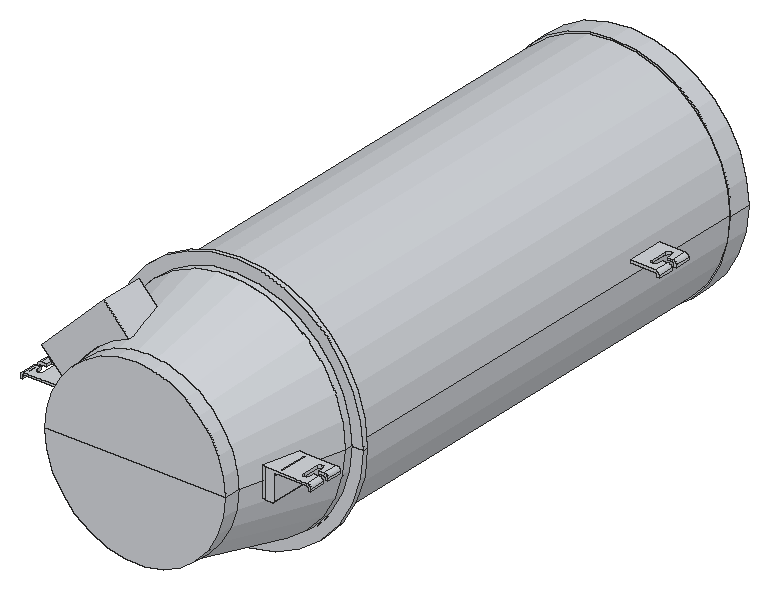
Revit family "FY-28USM2", category Mechanical Equipment, Revit 2024
Family settings
  Round Connector Dimension = Use Diameter
  Part Type = Normal
  OmniClass Number = 23.75.00.00
  OmniClass Title = Climate Control (HVAC)
  Work Plane-Based = No
  Always vertical = Yes
  Cut with Voids When Loaded = No
  Maintain Annotation Orientation = No
  Shared = No
  Room Calculation Point = No
Parameters
  Default Elevation = 0 mm
Reference planes
  plane 1 "Center (Front/Back)": y = 0
  plane 2: z = 0
  plane 3 "Center (Left/Right)": x = 0
  plane 4 "1": y = -441
Forms (mm)
  Revolve 1, solid
    sketch origin (0, 0, 0) x (1, 0, 0) y (0, 1, 0)
      loop
        line (124.746, 441) -> (0, 441) -> (0, -441) -> (124.246, -441) -> (124.246, -419) -> (158.446, -277.02) -> (158.446, -267.22) -> (175.246, -267.22) -> (175.246, -261) -> (160.246, -261) -> (160.246, 381) -> (162.396, 381) -> (162.396, 411) -> (124.746, 411) -> (124.746, 441)
      axis (0, 441) -> (0, -441)
    angle from 0 to 360
  Extrusion 2, solid
    sketch origin (0, 0, 0) x (1, 0, 0) y (0, 0, 1)
      loop
        line (-38.258, 123.11) -> (-73.613, 158.466) -> (-158.466, 73.613) -> (-123.11, 38.257)
        arc (-123.11, 38.257) -> (-90.236, 90.236) -> (-38.258, 123.11) r 140
    from 344 to 404
  Extrusion 3, solid
    sketch origin (0, 0, 0) x (1, 0, 0) y (0, 1, 0)
      loop
        line (143.887, -337.462) -> (131.84, -387.474) -> (138.15, -389) -> (200.246, -389) -> (200.246, -368.5) -> (187.746, -368.5) -> (187.746, -375.498)
        spline (187.746, -375.498) -> (187.708, -376.085) -> (187.593, -376.663) -> (187.404, -377.22) -> (187.144, -377.749) -> (186.817, -378.238) -> (186.429, -378.681) -> (185.986, -379.069) -> (185.497, -379.397) -> (184.969, -379.657) -> (184.411, -379.847) -> (183.834, -379.961) -> (183.246, -380)
        spline (183.246, -380) -> (182.659, -379.961) -> (182.081, -379.847) -> (181.524, -379.657) -> (180.996, -379.397) -> (180.507, -379.07) -> (180.064, -378.682) -> (179.676, -378.239) -> (179.349, -377.75) -> (179.089, -377.222) -> (178.899, -376.665) -> (178.784, -376.087) -> (178.746, -375.5)
        line (178.746, -375.5) -> (178.746, -352.504)
        spline (178.746, -352.504) -> (178.784, -351.916) -> (178.898, -351.339) -> (179.087, -350.781) -> (179.347, -350.252) -> (179.674, -349.763) -> (180.062, -349.32) -> (180.505, -348.931) -> (180.995, -348.604) -> (181.523, -348.343) -> (182.081, -348.153) -> (182.658, -348.039) -> (183.246, -348)
        spline (183.246, -348) -> (183.833, -348.038) -> (184.411, -348.153) -> (184.968, -348.343) -> (185.496, -348.603) -> (185.985, -348.93) -> (186.428, -349.318) -> (186.816, -349.761) -> (187.143, -350.25) -> (187.403, -350.778) -> (187.593, -351.335) -> (187.707, -351.913) -> (187.746, -352.5)
        line (187.746, -352.5) -> (187.746, -359.5) -> (200.246, -359.5) -> (200.246, -339) -> (150.246, -339) -> (143.887, -337.462)
    from -20 to 20
  Extrusion 4, solid
    sketch origin (0, 0, 0) x (-1, 0, 0) y (0, -1, 0)
      loop
        line (143.887, 337.462) -> (150.246, 339) -> (200.246, 339) -> (200.246, 359.5) -> (187.746, 359.5) -> (187.746, 352.5)
        spline (187.746, 352.5) -> (187.707, 351.913) -> (187.593, 351.335) -> (187.403, 350.778) -> (187.143, 350.25) -> (186.816, 349.761) -> (186.428, 349.318) -> (185.985, 348.93) -> (185.496, 348.603) -> (184.968, 348.343) -> (184.411, 348.153) -> (183.833, 348.038) -> (183.246, 348)
        spline (183.246, 348) -> (182.658, 348.039) -> (182.081, 348.153) -> (181.523, 348.343) -> (180.995, 348.604) -> (180.505, 348.931) -> (180.062, 349.32) -> (179.674, 349.763) -> (179.347, 350.252) -> (179.087, 350.781) -> (178.898, 351.339) -> (178.784, 351.916) -> (178.746, 352.504)
        line (178.746, 352.504) -> (178.746, 375.5)
        spline (178.746, 375.5) -> (178.784, 376.087) -> (178.899, 376.665) -> (179.089, 377.222) -> (179.349, 377.75) -> (179.676, 378.239) -> (180.064, 378.682) -> (180.507, 379.07) -> (180.996, 379.397) -> (181.524, 379.657) -> (182.081, 379.847) -> (182.659, 379.961) -> (183.246, 380)
        spline (183.246, 380) -> (183.834, 379.961) -> (184.411, 379.847) -> (184.969, 379.657) -> (185.497, 379.397) -> (185.986, 379.069) -> (186.429, 378.681) -> (186.817, 378.238) -> (187.144, 377.749) -> (187.404, 377.22) -> (187.593, 376.663) -> (187.708, 376.085) -> (187.746, 375.498)
        line (187.746, 375.498) -> (187.746, 368.5) -> (200.246, 368.5) -> (200.246, 389) -> (138.15, 389) -> (131.84, 387.474) -> (143.887, 337.462)
    from -20 to 20
  Extrusion 5, void
    sketch origin (0, 0, 0) x (1, 0, 0) y (0, 0, 1)
      loop
        line (-194.8, 20) -> (-200.246, 20) -> (-200.246, 14.554)
        arc (-200.246, 14.554) -> (-198.651, 18.405) -> (-194.8, 20) r 5.446
      loop
        line (-200.246, 12) -> (-200.246, -20) -> (-148, -20) -> (-150, -18) -> (-150, 13.8)
        spline (-150, 13.8) -> (-150.026, 14.192) -> (-150.102, 14.576) -> (-150.228, 14.948) -> (-150.402, 15.3) -> (-150.62, 15.626) -> (-150.879, 15.921) -> (-151.174, 16.18) -> (-151.5, 16.398) -> (-151.852, 16.572) -> (-152.224, 16.698) -> (-152.608, 16.774) -> (-153, 16.8)
        line (-153, 16.8) -> (-194.8, 16.8)
        arc (-194.8, 16.8) -> (-196.214, 16.214) -> (-196.8, 14.8) r 2
        line (-196.8, 14.8) -> (-196.8, 12) -> (-200.246, 12)
    from 337.462 to 389
  Extrusion 6, void
    sketch origin (0, 0, 0) x (-1, 0, 0) y (0, 0, -1)
      loop
        arc (-194.8, -20) -> (-198.651, -18.405) -> (-200.246, -14.554) r 5.446
        line (-200.246, -14.554) -> (-200.246, -20) -> (-194.8, -20)
      loop
        line (-200.246, -12) -> (-196.8, -12) -> (-196.8, -14.8)
        arc (-196.8, -14.8) -> (-196.214, -16.214) -> (-194.8, -16.8) r 2
        line (-194.8, -16.8) -> (-153, -16.8)
        spline (-153, -16.8) -> (-152.608, -16.774) -> (-152.224, -16.698) -> (-151.852, -16.572) -> (-151.5, -16.398) -> (-151.174, -16.18) -> (-150.879, -15.921) -> (-150.62, -15.626) -> (-150.402, -15.3) -> (-150.228, -14.948) -> (-150.102, -14.576) -> (-150.026, -14.192) -> (-150, -13.8)
        line (-150, -13.8) -> (-150, 18) -> (-148, 20) -> (-200.246, 20) -> (-200.246, -12)
    from 337.462 to 389
  Extrusion 7, solid
    sketch origin (0, 0, 0) x (1, 0, 0) y (0, 1, 0)
      loop
        line (200.246, 261) -> (160.246, 261) -> (160.246, 211) -> (200.246, 211) -> (200.246, 231.5) -> (187.746, 231.5) -> (187.746, 224.5)
        spline (187.746, 224.5) -> (187.708, 223.913) -> (187.593, 223.335) -> (187.404, 222.778) -> (187.143, 222.25) -> (186.816, 221.761) -> (186.428, 221.318) -> (185.985, 220.93) -> (185.496, 220.603) -> (184.968, 220.343) -> (184.411, 220.153) -> (183.833, 220.039) -> (183.246, 220)
        spline (183.246, 220) -> (182.659, 220.039) -> (182.081, 220.153) -> (181.524, 220.343) -> (180.996, 220.603) -> (180.507, 220.93) -> (180.064, 221.318) -> (179.676, 221.761) -> (179.349, 222.25) -> (179.089, 222.778) -> (178.899, 223.335) -> (178.785, 223.913) -> (178.746, 224.5)
        line (178.746, 224.5) -> (178.746, 247.5)
        spline (178.746, 247.5) -> (178.785, 248.087) -> (178.899, 248.665) -> (179.089, 249.222) -> (179.349, 249.75) -> (179.676, 250.239) -> (180.064, 250.682) -> (180.507, 251.07) -> (180.996, 251.397) -> (181.524, 251.657) -> (182.081, 251.847) -> (182.659, 251.962) -> (183.246, 252)
        spline (183.246, 252) -> (183.833, 251.962) -> (184.411, 251.847) -> (184.968, 251.657) -> (185.496, 251.397) -> (185.985, 251.07) -> (186.428, 250.682) -> (186.816, 250.239) -> (187.143, 249.75) -> (187.404, 249.222) -> (187.593, 248.665) -> (187.708, 248.087) -> (187.746, 247.5)
        line (187.746, 247.5) -> (187.746, 240.5) -> (200.246, 240.5) -> (200.246, 261)
    from 12 to 20
  Extrusion 8, void
    sketch origin (0, 0, 0) x (1, 0, 0) y (0, 0, 1)
      loop
        line (160.246, 16.8) -> (160.246, 12) -> (196.8, 12) -> (196.8, 14.8)
        arc (196.8, 14.8) -> (196.214, 16.214) -> (194.8, 16.8) r 2
        line (194.8, 16.8) -> (160.246, 16.8)
      loop
        line (200.246, 15.094) -> (200.246, 20) -> (194.797, 20)
        arc (194.797, 20) -> (198.405, 18.528) -> (200.246, 15.094) r 5.751
    from -261 to -211
  Extrusion 9, solid
    sketch origin (0, 0, 0) x (-1, 0, 0) y (0, -1, 0)
      loop
        line (200.246, -261) -> (200.246, -240.5) -> (187.746, -240.5) -> (187.746, -247.5)
        spline (187.746, -247.5) -> (187.708, -248.087) -> (187.593, -248.665) -> (187.404, -249.222) -> (187.143, -249.75) -> (186.816, -250.239) -> (186.428, -250.682) -> (185.985, -251.07) -> (185.496, -251.397) -> (184.968, -251.657) -> (184.411, -251.847) -> (183.833, -251.962) -> (183.246, -252)
        spline (183.246, -252) -> (182.659, -251.962) -> (182.081, -251.847) -> (181.524, -251.657) -> (180.996, -251.397) -> (180.507, -251.07) -> (180.064, -250.682) -> (179.676, -250.239) -> (179.349, -249.75) -> (179.089, -249.222) -> (178.899, -248.665) -> (178.785, -248.087) -> (178.746, -247.5)
        line (178.746, -247.5) -> (178.746, -224.5)
        spline (178.746, -224.5) -> (178.785, -223.913) -> (178.899, -223.335) -> (179.089, -222.778) -> (179.349, -222.25) -> (179.676, -221.761) -> (180.064, -221.318) -> (180.507, -220.93) -> (180.996, -220.603) -> (181.524, -220.343) -> (182.081, -220.153) -> (182.659, -220.039) -> (183.246, -220)
        spline (183.246, -220) -> (183.833, -220.039) -> (184.411, -220.153) -> (184.968, -220.343) -> (185.496, -220.603) -> (185.985, -220.93) -> (186.428, -221.318) -> (186.816, -221.761) -> (187.143, -222.25) -> (187.404, -222.778) -> (187.593, -223.335) -> (187.708, -223.913) -> (187.746, -224.5)
        line (187.746, -224.5) -> (187.746, -231.5) -> (200.246, -231.5) -> (200.246, -211) -> (160.246, -211) -> (160.246, -261) -> (200.246, -261)
    from 12 to 20
  Extrusion 10, void
    sketch origin (0, 0, 0) x (-1, 0, 0) y (0, 0, -1)
      loop
        line (160.246, -16.8) -> (194.8, -16.8)
        arc (194.8, -16.8) -> (196.214, -16.214) -> (196.8, -14.8) r 2
        line (196.8, -14.8) -> (196.8, -12) -> (160.246, -12) -> (160.246, -16.8)
      loop
        arc (200.246, -15.094) -> (198.405, -18.528) -> (194.797, -20) r 5.751
        line (194.797, -20) -> (200.246, -20) -> (200.246, -15.094)
    from -261 to -211
Cuts and joins
  Extrusion 5 cuts Revolve 1
  Extrusion 5, Extrusion 6 cuts Extrusion 4
  Extrusion 6 cuts Extrusion 3
  Extrusion 8, Extrusion 10 cuts Extrusion 7
  Extrusion 10 cuts Extrusion 9
Dimensions and locks
  aligned and locked: level to plane 2
Connectors
  hvac at (0, 441, 0)
    settings: on cut or joined group of Revolve 1, Extrusion 5, index 1, duct flow 0.0 L/s, flow factor 0, pres drop 0.0 Pa, loss coef 0, conn angle 0.00°, conn width 304.8 mm, conn height 304.8 mm, conn diameter 250 mm, duct sys type 3, conn prof type 0, flow config 0, flow direction 0, loss method 0, conn ref index -1, conn util no, is conn primary yes, conn desc ""
  hvac at (0, -441, 0)
    settings: index 2, duct flow 0.0 L/s, flow factor 0, pres drop 0.0 Pa, loss coef 0, conn angle 0.00°, conn width 304.8 mm, conn height 304.8 mm, conn diameter 250 mm, duct sys type 3, conn prof type 0, flow config 0, flow direction 0, loss method 0, conn ref index -1, conn util no, is conn primary no, conn desc ""
